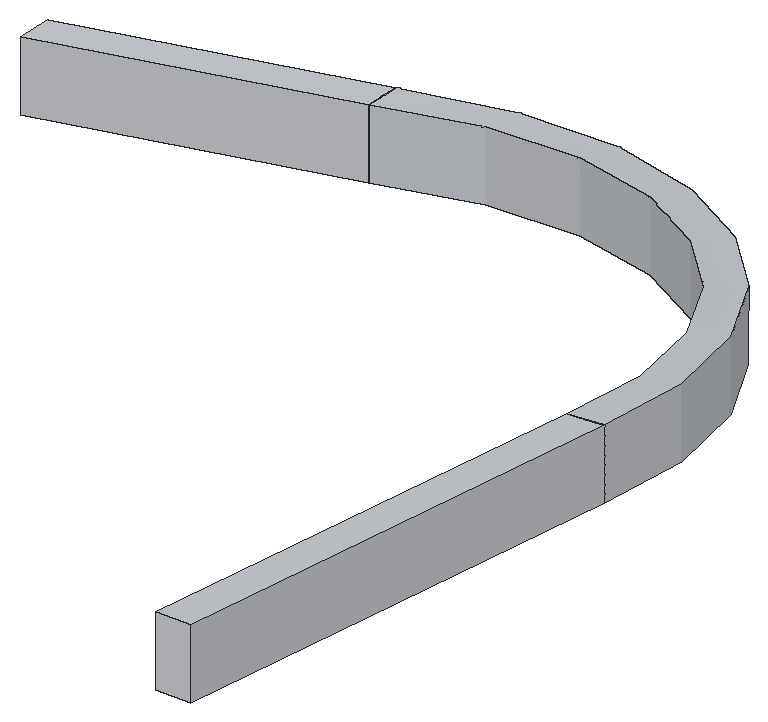
Revit family "車道下RTW(內側)", category 結構框架, Revit 2014
Parameters
  Length [instance] = 300 cm
Reference planes (cm)
  plane 1 "中心 (前/後)": y = 0
  plane 2 "中心立面": z = 0
  plane 3 "中心 (左/右)": x = 0
  plane 4 "左": x = -150
  plane 5 "右": x = 150
  plane 6: z = 295
  plane 7: x = 250
  plane 8: z = 44.33
  plane 9: z = 215.45
  plane 10: through (777.2694, -826.2923, 121.92) normal (-0.1142, 0.9935, 0)
  plane 11: through (832.174, -1303.8351, 121.92) normal (-0.1142, 0.9935, 0)
  plane 12: through (1121.0861, -401.2104, 121.92) normal (0.1142, -0.9935, 0)
Forms (cm)
  SweptBlend 1, solid
    path origin (1219.2, -32.287, 44.33) x (0, -1, 0) y (1, 0, 0)
      loop
        arc (-57.2715, -969.2) -> (76.2109, -618.9166) -> (408.9553, -446.2982) r 526.3465
    profile "輪廓1 : 輪廓1" origin (250, 24.9845, 44.33) x (0, 1, 0) y (0, 0, 1)
      loop
        line (0, 0) -> (-25, 0) -> (-25, -50) -> (0, -50) -> (0, 0)
    end profile origin (772.9018, -441.2423, 44.33) x (0.993455, 0.114221, 0) y (0, 0, 1)
      loop
        line (-24.9999, 121.12) -> (0, 121.12) -> (0, 171.12) -> (-24.9999, 171.12) -> (-24.9999, 121.12)
  SweptBlend 2, solid
    path origin (0.098, -0.0155, 0) x (1, 0, 0) y (0, 1, 0)
      loop
        line (249.902, 0) -> (-0.098, 0)
    profile origin (250, -0.0155, 0) x (0, -1, 0) y (0, 0, 1)
      loop
        line (0, -5.67) -> (0, 44.33) -> (-25, 44.33) -> (-25, -5.67) -> (0, -5.67)
    end profile origin (0, -0.0155, 0) x (0, -1, 0) y (0, 0, 1)
      loop
        line (0, 0) -> (-25, 0) -> (-25, -50) -> (0, -50) -> (0, 0)
  SweptBlend 3, solid
    path origin (-369.2837, 368.5802, 215.998) x (1, 0, 0) y (0, 1, 0)
      loop
        line (1142.1855, -809.8225) -> (1192.0579, -1243.5957)
    profile origin (772.9018, -441.2423, 215.998) x (0.993455, 0.114221, 0) y (0, 0, 1)
      loop
        line (-24.9999, -0.548) -> (-24.9999, -50.548) -> (0.0001, -50.548) -> (0.0001, -0.548) -> (-24.9999, -0.548)
    end profile origin (822.7741, -875.0155, 215.998) x (0.993455, 0.114221, 0) y (0, 0, 1)
      loop
        line (-25, 29.002) -> (0, 29.002) -> (0, 79.002) -> (-25, 79.002) -> (-25, 29.002)
  Extrusion 4, void
    sketch origin (0, 0, 0) x (1, 0, 0) y (0, 1, 0)
      loop
        line (822.7741, -875.0155) -> (797.6094, -875.0155) -> (797.9377, -877.871) -> (822.7741, -875.0155)
    from 244.0014 to 295
Cuts and joins
  Extrusion 4 cuts SweptBlend 3
Dimensions and locks (cm)
  plane 6 to plane 9 to plane 8 to plane 2 "中心立面" = 79.55 cm, 171.12 cm, 44.33 cm
  plane 6 to level = 295 cm
  aligned and locked: level to plane 2 "中心立面"
